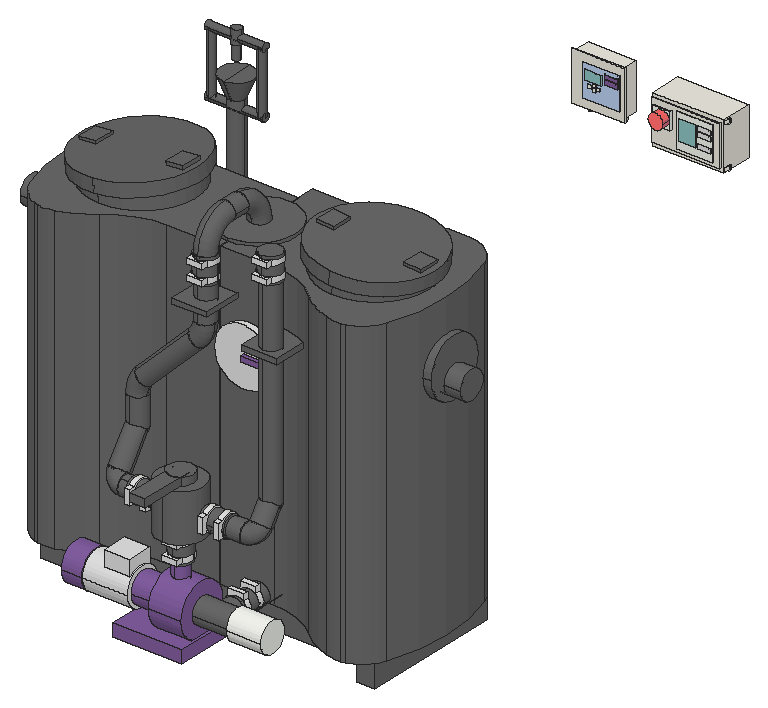
Revit family "93003.02_ms", category Generic Models, Revit 2021
Family settings
  Can host rebar = No
  Round Connector Dimension = Use Diameter
  Part Type = Normal
  Work Plane-Based = No
  Always vertical = Yes
  Cut with Voids When Loaded = No
  Shared = Yes
  Room Calculation Point = No
Parameters (values of type "93003.02_MS")
  SUPPLIER = "KESSEL"
  SA810ID06 = "4026092065020"
  SA810ID03 = "93003.02/MS"
  SA71009ID06 = 3000 W
  SA71009ID05 = 3600 W
  SA71009ID04 = 1
  SA700ID17 = 1055 mm
  SA700ID14 = "ohne Angabe"
  SA700ID13 = 70 mm
  SA700ID09 = 1458 mm
  SA700ID08 = 680 mm
  SA700ID07 = 1500 mm
  SA700ID06 = 300
  SA700ID05 = 3
  SA700ID04 = "Grease separator EasyClean free NS 3, Mix & Pump, SonicControl"
  SA500ID03 = "Sludge trap, integrated"
  SA400ID03 = "PE (Polyethylen)"
  SA250ID03 = "temperierte Umhausung"
  SA200ID03 = "free-standing set-up"
  SA100ID04 = "Abscheideranlage für Fette (Schlammfang und Fettabscheider)"
  PROCUREWEBLINK = "https://p.caden.as/kessel/93003.02%2FMS"
  PROCURELINK = "p.caden.as/kessel/93003.02%2FMS"
  PROCUREDATALASTUPDATE = "2024-05-22T12:18:14.54944411+01:00"
  PRC_SPECIFICATIONLINK = "https://ausschreiben.de/catalog/kessel/catalogItem/e60f53d6-9750-4a69-9ea4-1343c2af679b"
  NN = "EasyClean free Mix & Pump grease separator"
  NBSYN = "$SA810ID03."
  NB = "93003.02/MS"
  Model = "93003.02/MS"
  Manufacturer = "KESSEL"
  MIdent = "{$CADENAS_DATA/23d-libs/kessel/kessel_vdi_import/40/abscheideranlage20fuer20fette/easyclean_free_mix_pump.prj},210 {STYP=ASS},{VTYP=3D},{NB=93003.02/MS},{LINA=93003.02/MS},{NN=EasyClean free Mix & Pump grease separator},{DATE=21.12.2022 12:04:43},{GEOMDATE=17.11.2022 09:57:07},{VERSION=},{LINEID=180},{WBVAR=},{WBNUMERIC=}  {NB=93003.02/MS},{LINA=93003.02/MS},{KT=DUMMY},{PREVIEW=../../bilder/ksb_w_9300302ms.png},{SA700ID04=Fettabscheider EasyClean free NS 3, Mix & Pump, SonicControl},{SA810ID06=4026092065020},{SA010ID04=KESSEL AG},{SA810ID03=93003.02/MS},{SA100ID04=Abscheideranlage für Fette (Schlammfang und Fettabscheider)},{SA200ID03=Freiaufstellung},{SA400ID03=PE (Polyethylen)},{SA500ID03=Schlammfang integriert},{SA700ID05=3.00},{SA700ID06=300},{SA71009ID04=1},{SA71009ID05=3.60},{SA71009ID06=3.00},{SA250ID03=temperierte Umhausung},{SA700ID07=1500},{SA700ID09=1458},{SA700ID13=70},{SA700ID17=1055},{SA700ID08=680},{SA810ID10=\\\"Der Abscheider für fetthaltiges Abwasser ist für die freie Aufstellung in frostgeschützten Räumen geeignet und verzichtet auf metallische Bauteile im Behälter. Der Sammelbehälter aus dauerhaft beständigem Kunststoff (PE) ist mit einem integrierten Schlammfang ausgestattet und besitzt ein konisch zulaufendes Bodenteil für eine schnelle und saubere Entsorgung. Zwei geruchsdichte Deckel mit Schnellspannverschlüssen ermöglichen einen einfachen Zugang für Reinigungs- und Wartungsarbeiten.Das innovative Schredder-Mix-System mit integriertem Zerhacker übernimmt die Homogenisierung und Umwälzung des Behälterinhaltes. Die Reinigung und geruchsneutrale Entsorgung erfolgt dabei über eine außenliegende Pumpe mit 2-Wege-Ventil und Umschalthebel, die mit einem Absperrschieber vom Behälter getrennt werden kann. Nach der Entsorgung sind nur noch max. 3 Liter Schlammrestvolumen im Behälter vorhanden.Die manuelle Steuerung erfolgt durch ein anwenderfreundliches Schaltgerät, das über einen potentialfreien Kontakt in die Gebäudeleittechnik eingebunden werden kann.Gewährleistung auf den Werkstoff PE 20 Jahre.Ausführung:Absperreinrichtung: jaEntsorgungsart: manuelles Entsorgungs- und ReinigungssystemEntsorgungseinrichtung: EntsorgungspumpeEntsorgungsvariante: Mix & PumpFülleinrichtung nach DIN 1988: jaNenngröße (NS): 3Schauglas: jaSchredder-Mix-System: jaSonicControl: jaWasserversorgung: 1 Schraubventil 1\\\"\\\"Tragfähigkeit (DIN 19901): F3Lieferumfang: Storz-B-Kupplung R 2 1/2 \\\"\\\" für SaugwagenanschlussEinbausituation: freie AufstellungAllgemeine Merkmale:Material: PENorm: EN 1825: 2004, DIN 4040-100Abmessungen:Aufstellfläche Länge: 1.736 mmAufstellfläche Breite: 841 mmAufstellfläche Höhe: 1.767 mmEinbringmaß Länge: 1.500 mmEinbringmaß Breite: 680 mmEinbringmaß Höhe: 1.458 mmBehälter/Grundkörper:Zulauf Nennweite (DN): 100 mmZulauf Nennweite (DA): 110 mmAuslauf Nennweite (DN): 100Auslauf Nennweite (DA): 110Abstand Rohrsohle Zulauf zu Behälterboden: 1.055 mmAbstand Rohrsohle Auslauf zu Behälterboden: 985 mmAnschluss Zu-/Auslaufstutzen: PE-HD-Rohre nach DIN 19537, HT-Rohre nach DIN 19560, PP oder ASDruckabgang (DA): 75 mmDruckabgang (DN): 65 mmNenndruck (PN): 10Abdeckungsmerkmale:Abdeckungsart: DeckelAbdeckung Material: KunststoffAbdeckung Farbe: violettDichtheit: geruchsdichtVerriegelung: SchnellspannverschlussAbwasserinhalt:Abscheiderinhalt: 300 lGesamtvolumen: 600 lSchlammfanginhalt: 300 lSpeichermenge an Fett: 120 lFördereinrichtung:Pumpe: SPF 300 KE 2.0Anzahl Pumpen: 1Förderhöhe max.: 17 mFörderleistung max.: 60 m3/hBetriebsspannung: 400 VNetzfrequenz: 50 HzBetriebsart: S2 - 30 Min.Leistung P1: 3,6 kWLeistung P2: 3 kWDrehzahl: 2.850 U/minErforderliche Absicherung (Leitungsschutz): Absicherung über Schaltgerät 400 VFörderguttemperatur (dauerhaft) max.: 40 °CAnschlusstyp: DirektanschlussGewicht: 44 kgLaufrad Typ: Radiallaufrad mit ZerhackerLänge Netzanschlussleitung Pumpe: 5 mNennstrom: 6,2 ASchutzart Pumpe: IP 55Schutzklasse: ITyp Anschlussleitung Pumpe: H07RN-F 7G 1,5 mm2Temperaturüberwachung: integriertSteuerung:Schaltgerät: jaBetriebsspannung: 400 VNetzfrequenz: 50 HzSelbstdiagnosesystem (SDS): jaBatteriepufferung: neinMehrzeilige Displayanzeige: neinLogbuchfunktion: neinUSB-Schnittstelle: neinGSM-Schnittstelle: neinPotentialfreier Kontakt: jaErforderliche Absicherung (Leitungsschutz): 3 x C 16 AErforderliche Absicherung (RCD): 30 mAMotorschutz Schalter: jaSchutzart Schaltgerät: IP 54\\\"},{SA700ID14=ohne Angabe},{LODLEVEL=0},{CATEGORY3AA=},{CATEGORY3AB=EasyClean free Mix & Pump},{CATEGORY3AC=},{CATEGORY3AD=},{CATEGORY3AE=},{CATEGORY3AF=},{BEZEICHNUNG=},{BREITE=0.0},{TIEFE=MIN},{HOEHE=MIN},{MASSE=MIN},{LOD_=0,'Low'},{LOD_DEU=0,'Low'},{LOD_3DB=93003.02/MS_0},{DNIN1=100},{DNIN2=10},{DNIN3=10},{DNIN4=10},{DNIN5=MIN},{DNIN6=MIN},{DNIN7=MIN},{DNOUT1=100},{DNOUT2=50},{ISD=80},{ISD2=10},{SA960ID03=97},{SA960ID04=3L},{SA960ID08=http://www.kessel.de/info?han=93003.02/MS},{SA010ID01=010},{SA010ID02=40},{SA010ID06=www.kessel.de},{SA010ID08=4026092000007},{SA100ID01=100},{SA100ID02=1},{SA740ID01=740},{SA200ID01=200},{SA200ID02=1},{SA250ID01=250},{SA250ID02=1},{SA400ID01=400},{SA400ID02=1},{SA500ID01=500},{SA500ID02=1},{SA700ID01=700},{SA700ID02=97},{SA700ID14_=0},{SA71009ID01=710.09},{SA71009ID02=1},{SA71009ID03=SPF 300 KE 2.0},{SA71009ID07=IP55},{SA71009ID08=1},{SA71009ID09=1},{SA71009ID10=60},{SA71009ID11=17},{SA810ID01=810},{SA810ID02=97},{SA810ID04=93003.02/MS},{SA810ID07=97},{SA810ID14=PCE},{LINK=http://www.kessel.de/info?han=93003.02/MS},{LINK_=http://www.kessel.de/info?han=93003.02/MS},{LINK_DEU=http://www.kessel.de/info?han=93003.02/MS},{LODLEVELVIS=Low}"
  LINK = "http://www.kessel.de/info?han=93003.02/MS"
  LINA = "93003.02/MS"
  Default Elevation = 0 mm
  CREATOR = "CADENAS GmbH"
  CATALOG = "KESSEL"
  BOMINFO = "LINA"
  ARTICLENO = "NB"
Reference planes
  plane 1 "Center (Front/Back)": y = 0
  plane 2: z = 0
  plane 3 "Center (Left/Right)": x = 0
Dimensions and locks
  aligned and locked: level to plane 2
Nested families
  nested 1: "93003.02_ms_content" at (0, 0, 0), type "93003.02_MS_Content"
  nested 2: "93003.02_ms_part1_X0Y0" at (1000, 1000, 1500), type "93003.02_MS_PART1_X0Y0"
  nested 3: "93003.02_ms_part2_X0Y0" at (600, 1000, 1500), type "93003.02_MS_PART2_X0Y0"
  nested 4: "93003.02_ms_part3_X0Y0" at (0, 0, 0), type "93003.02_MS_PART3_X0Y0"
Connectors
  electrical at (910.5, 933.5, 1478)
    settings: on nested 2, index 1, voltage 0 V, apparent load 0 VA, apparent load phase1 0 VA, apparent load phase2 0 VA, apparent load phase3 0 VA, power factor 1, load classification "Other", number of poles 1, system type 31, power factor state 1, is connector primary yes, connector utility no, sub classification motor no, connector description ""
  electrical at (536, 972.5, 1469)
    settings: on nested 3, index 2, voltage 0 V, apparent load 0 VA, apparent load phase1 0 VA, apparent load phase2 0 VA, apparent load phase3 0 VA, power factor 1, load classification "Other", number of poles 1, system type 31, power factor state 1, is connector primary no, connector utility no, sub classification motor no, connector description ""
  piping at (-897.6, 0, 1113), diameter 100
    settings: on nested 4, index 3, connector inside diameter 609.6 mm, connector length 0 mm, flow factor 0, pipe flow 0.0 L/s, pressure drop 0.0 Pa, fitting loss kfactor 0, connector angle 0.00°, fixture units 0, engagement length 0 mm, angle of deflection 0.00°, flow configuration 0, flow direction 1, fitting loss method 2, system type 8, joint type 0, gender type 0, connector reference index -1, connector utility 0, adjustable connector no, is connector primary yes, connector description ""
  piping at (-305, 275, 1772.9), diameter 10
    settings: on nested 4, index 4, connector inside diameter 609.6 mm, connector length 0 mm, flow factor 0, pipe flow 0.0 L/s, pressure drop 0.0 Pa, fitting loss kfactor 0, connector angle 0.00°, fixture units 0, engagement length 0 mm, angle of deflection 0.00°, flow configuration 0, flow direction 1, fitting loss method 2, system type 8, joint type 0, gender type 0, connector reference index -1, connector utility 0, adjustable connector no, is connector primary no, connector description ""
  piping at (844, 0, 1030), diameter 100
    settings: on nested 4, index 5, connector inside diameter 609.6 mm, connector length 0 mm, flow factor 0, pipe flow 0.0 L/s, pressure drop 0.0 Pa, fitting loss kfactor 0, connector angle 0.00°, fixture units 0, engagement length 0 mm, angle of deflection 0.00°, flow configuration 0, flow direction 2, fitting loss method 2, system type 7, joint type 0, gender type 0, connector reference index -1, connector utility 0, adjustable connector no, is connector primary no, connector description ""
  piping at (290, -301.5, 1445.5), diameter 50
    settings: on nested 4, index 6, connector inside diameter 609.6 mm, connector length 0 mm, flow factor 0, pipe flow 0.0 L/s, pressure drop 0.0 Pa, fitting loss kfactor 0, connector angle 0.00°, fixture units 0, engagement length 0 mm, angle of deflection 0.00°, flow configuration 0, flow direction 2, fitting loss method 2, system type 7, joint type 0, gender type 0, connector reference index -1, connector utility 0, adjustable connector no, is connector primary no, connector description ""
  electrical at (-212, -383, 248.5)
    settings: on nested 4, index 7, voltage 0 V, apparent load 0 VA, apparent load phase1 0 VA, apparent load phase2 0 VA, apparent load phase3 0 VA, power factor 1, load classification "Other", number of poles 1, system type 31, power factor state 1, is connector primary no, connector utility no, sub classification motor no, connector description ""
Definition of nested family "93003.02_ms_part1_X0Y0"
  Parameters (values of type "93003.02_MS_PART1_X0Y0")
    SUPPLIER = "KESSEL"
    SA810ID06 = "4026092065020"
    SA810ID03 = "93003.02/MS"
    SA71009ID06 = 3000 W
    SA71009ID05 = 3600 W
    SA71009ID04 = 1
    SA700ID17 = 1055 mm
    SA700ID14 = "ohne Angabe"
    SA700ID13 = 70 mm
    SA700ID09 = 1458 mm
    SA700ID08 = 680 mm
    SA700ID07 = 1500 mm
    SA700ID06 = 300
    SA700ID05 = 3
    SA700ID04 = "Grease separator EasyClean free NS 3, Mix & Pump, SonicControl"
    SA500ID03 = "Sludge trap, integrated"
    SA400ID03 = "PE (Polyethylen)"
    SA250ID03 = "temperierte Umhausung"
    SA200ID03 = "free-standing set-up"
    SA100ID04 = "Abscheideranlage für Fette (Schlammfang und Fettabscheider)"
    NBSYN = "$SA810ID03._PART1"
    NB = "93003.02/MS_PART1"
    Model = "93003.02/MS_PART1"
    Manufacturer = "KESSEL"
    MIdent = "{$CADENAS_DATA/23d-libs/kessel/kessel_vdi_import/40/abscheideranlage20fuer20fette/easyclean_free_mix_pump.prj},230 {VTYP=3D},{NB=93003.02/MS_PART1},{LINA=93003.02/MS_PART1},{NN=EasyClean free Mix & Pump grease separator_PART1},{NOPRJ=TRUE},{DATE=21.12.2022 12:04:43},{GEOMDATE=17.11.2022 09:57:07},{VERSION=},{LINEID=180},{WBVAR=},{WBNUMERIC=}  {NB=93003.02/MS_PART1},{LINA=93003.02/MS_PART1},{KT=DUMMY},{PREVIEW=../../bilder/ksb_w_9300302ms.png},{SA700ID04=Fettabscheider EasyClean free NS 3, Mix & Pump, SonicControl},{SA810ID06=4026092065020},{SA010ID04=KESSEL AG},{SA810ID03=93003.02/MS},{SA100ID04=Abscheideranlage für Fette (Schlammfang und Fettabscheider)},{SA200ID03=Freiaufstellung},{SA400ID03=PE (Polyethylen)},{SA500ID03=Schlammfang integriert},{SA700ID05=3.00},{SA700ID06=300},{SA71009ID04=1},{SA71009ID05=3.60},{SA71009ID06=3.00},{SA250ID03=temperierte Umhausung},{SA700ID07=1500},{SA700ID09=1458},{SA700ID13=70},{SA700ID17=1055},{SA700ID08=680},{SA810ID10=\\\"Der Abscheider für fetthaltiges Abwasser ist für die freie Aufstellung in frostgeschützten Räumen geeignet und verzichtet auf metallische Bauteile im Behälter. Der Sammelbehälter aus dauerhaft beständigem Kunststoff (PE) ist mit einem integrierten Schlammfang ausgestattet und besitzt ein konisch zulaufendes Bodenteil für eine schnelle und saubere Entsorgung. Zwei geruchsdichte Deckel mit Schnellspannverschlüssen ermöglichen einen einfachen Zugang für Reinigungs- und Wartungsarbeiten.Das innovative Schredder-Mix-System mit integriertem Zerhacker übernimmt die Homogenisierung und Umwälzung des Behälterinhaltes. Die Reinigung und geruchsneutrale Entsorgung erfolgt dabei über eine außenliegende Pumpe mit 2-Wege-Ventil und Umschalthebel, die mit einem Absperrschieber vom Behälter getrennt werden kann. Nach der Entsorgung sind nur noch max. 3 Liter Schlammrestvolumen im Behälter vorhanden.Die manuelle Steuerung erfolgt durch ein anwenderfreundliches Schaltgerät, das über einen potentialfreien Kontakt in die Gebäudeleittechnik eingebunden werden kann.Gewährleistung auf den Werkstoff PE 20 Jahre.Ausführung:Absperreinrichtung: jaEntsorgungsart: manuelles Entsorgungs- und ReinigungssystemEntsorgungseinrichtung: EntsorgungspumpeEntsorgungsvariante: Mix & PumpFülleinrichtung nach DIN 1988: jaNenngröße (NS): 3Schauglas: jaSchredder-Mix-System: jaSonicControl: jaWasserversorgung: 1 Schraubventil 1\\\"\\\"Tragfähigkeit (DIN 19901): F3Lieferumfang: Storz-B-Kupplung R 2 1/2 \\\"\\\" für SaugwagenanschlussEinbausituation: freie AufstellungAllgemeine Merkmale:Material: PENorm: EN 1825: 2004, DIN 4040-100Abmessungen:Aufstellfläche Länge: 1.736 mmAufstellfläche Breite: 841 mmAufstellfläche Höhe: 1.767 mmEinbringmaß Länge: 1.500 mmEinbringmaß Breite: 680 mmEinbringmaß Höhe: 1.458 mmBehälter/Grundkörper:Zulauf Nennweite (DN): 100 mmZulauf Nennweite (DA): 110 mmAuslauf Nennweite (DN): 100Auslauf Nennweite (DA): 110Abstand Rohrsohle Zulauf zu Behälterboden: 1.055 mmAbstand Rohrsohle Auslauf zu Behälterboden: 985 mmAnschluss Zu-/Auslaufstutzen: PE-HD-Rohre nach DIN 19537, HT-Rohre nach DIN 19560, PP oder ASDruckabgang (DA): 75 mmDruckabgang (DN): 65 mmNenndruck (PN): 10Abdeckungsmerkmale:Abdeckungsart: DeckelAbdeckung Material: KunststoffAbdeckung Farbe: violettDichtheit: geruchsdichtVerriegelung: SchnellspannverschlussAbwasserinhalt:Abscheiderinhalt: 300 lGesamtvolumen: 600 lSchlammfanginhalt: 300 lSpeichermenge an Fett: 120 lFördereinrichtung:Pumpe: SPF 300 KE 2.0Anzahl Pumpen: 1Förderhöhe max.: 17 mFörderleistung max.: 60 m3/hBetriebsspannung: 400 VNetzfrequenz: 50 HzBetriebsart: S2 - 30 Min.Leistung P1: 3,6 kWLeistung P2: 3 kWDrehzahl: 2.850 U/minErforderliche Absicherung (Leitungsschutz): Absicherung über Schaltgerät 400 VFörderguttemperatur (dauerhaft) max.: 40 °CAnschlusstyp: DirektanschlussGewicht: 44 kgLaufrad Typ: Radiallaufrad mit ZerhackerLänge Netzanschlussleitung Pumpe: 5 mNennstrom: 6,2 ASchutzart Pumpe: IP 55Schutzklasse: ITyp Anschlussleitung Pumpe: H07RN-F 7G 1,5 mm2Temperaturüberwachung: integriertSteuerung:Schaltgerät: jaBetriebsspannung: 400 VNetzfrequenz: 50 HzSelbstdiagnosesystem (SDS): jaBatteriepufferung: neinMehrzeilige Displayanzeige: neinLogbuchfunktion: neinUSB-Schnittstelle: neinGSM-Schnittstelle: neinPotentialfreier Kontakt: jaErforderliche Absicherung (Leitungsschutz): 3 x C 16 AErforderliche Absicherung (RCD): 30 mAMotorschutz Schalter: jaSchutzart Schaltgerät: IP 54\\\"},{SA700ID14=ohne Angabe},{LODLEVEL=0},{CATEGORY3AA=},{CATEGORY3AB=EasyClean free Mix & Pump},{CATEGORY3AC=},{CATEGORY3AD=},{CATEGORY3AE=},{CATEGORY3AF=},{BEZEICHNUNG=},{BREITE=0.0},{TIEFE=MIN},{HOEHE=MIN},{MASSE=MIN},{LOD_=0,'Low'},{LOD_DEU=0,'Low'},{LOD_3DB=93003.02/MS_0},{DNIN1=100},{DNIN2=10},{DNIN3=10},{DNIN4=10},{DNIN5=MIN},{DNIN6=MIN},{DNIN7=MIN},{DNOUT1=100},{DNOUT2=50},{ISD=80},{ISD2=10},{SA960ID03=97},{SA960ID04=3L},{SA960ID08=http://www.kessel.de/info?han=93003.02/MS},{SA010ID01=010},{SA010ID02=40},{SA010ID06=www.kessel.de},{SA010ID08=4026092000007},{SA100ID01=100},{SA100ID02=1},{SA740ID01=740},{SA200ID01=200},{SA200ID02=1},{SA250ID01=250},{SA250ID02=1},{SA400ID01=400},{SA400ID02=1},{SA500ID01=500},{SA500ID02=1},{SA700ID01=700},{SA700ID02=97},{SA700ID14_=0},{SA71009ID01=710.09},{SA71009ID02=1},{SA71009ID03=SPF 300 KE 2.0},{SA71009ID07=IP55},{SA71009ID08=1},{SA71009ID09=1},{SA71009ID10=60},{SA71009ID11=17},{SA810ID01=810},{SA810ID02=97},{SA810ID04=93003.02/MS},{SA810ID07=97},{SA810ID14=PCE},{LINK=http://www.kessel.de/info?han=93003.02/MS},{LINK_=http://www.kessel.de/info?han=93003.02/MS},{LINK_DEU=http://www.kessel.de/info?han=93003.02/MS},{LODLEVELVIS=Low}"
    LINK = "http://www.kessel.de/info?han=93003.02/MS"
    LINA = "93003.02/MS_PART1"
    Default Elevation = 1219.2 mm
    CREATOR = "CADENAS GmbH"
    CATALOG = "KESSEL"
    BOMINFO = "LINA"
    ARTICLENO = "NB"
  Reference planes
    plane 1 "Center (Front/Back)": y = 0
    plane 2: z = 0
    plane 3 "Center (Left/Right)": x = 0
  Dimensions and locks
    aligned and locked: level to plane 2
  Nested families
    nested 1: "93003.02_ms_part1_content" at (0, 0, 0), type "93003.02_MS_PART1_Content"
  Definition of nested family "93003.02_ms_part1_content"
    Parameters (values of type "93003.02_MS_PART1_Content")
      SUPPLIER = "KESSEL"
      SA810ID06 = "4026092065020"
      SA810ID03 = "93003.02/MS"
      SA71009ID06 = 3000 W
      SA71009ID05 = 3600 W
      SA71009ID04 = 1
      SA700ID17 = 1055 mm
      SA700ID14 = "ohne Angabe"
      SA700ID13 = 70 mm
      SA700ID09 = 1458 mm
      SA700ID08 = 680 mm
      SA700ID07 = 1500 mm
      SA700ID06 = 300
      SA700ID05 = 3
      SA700ID04 = "Grease separator EasyClean free NS 3, Mix & Pump, SonicControl"
      SA500ID03 = "Sludge trap, integrated"
      SA400ID03 = "PE (Polyethylen)"
      SA250ID03 = "temperierte Umhausung"
      SA200ID03 = "free-standing set-up"
      SA100ID04 = "Abscheideranlage für Fette (Schlammfang und Fettabscheider)"
      NBSYN = "$SA810ID03._PART1"
      NB = "93003.02/MS_PART1"
      Model = "93003.02/MS_PART1"
      Manufacturer = "KESSEL"
      LINK = "http://www.kessel.de/info?han=93003.02/MS"
      LINA = "93003.02/MS_PART1"
      Default Elevation = 1219.2 mm
      CREATOR = "CADENAS GmbH"
      CATALOG = "KESSEL"
      BOMINFO = "LINA"
      ARTICLENO = "NB"
    Reference planes
      plane 1 "Center (Front/Back)": y = 0
      plane 2: z = 0
      plane 3 "Center (Left/Right)": x = 0
    Forms (mm)
      Extrusion 1, solid, detail levels medium+fine
        sketch origin (139, 0, 0) x (0, -1, 0) y (0, 0, 1)
          loop
            line (0, 188) -> (0, 0) -> (122.5, 0) -> (122.5, 188) -> (0, 188)
        from 0 to 278
      Extrusion 2, solid, detail levels medium+fine
        sketch origin (130, -122.5, 14) x (0, -1, 0) y (0, 0, 1)
          loop
            line (0, 160) -> (0, 0) -> (5, 0) -> (5, 160) -> (0, 160)
        from 0 to 269
      Extrusion 3, solid, detail levels medium+fine
        sketch origin (100, -127.5, 26) x (0, -1, 0) y (0, 0, 1)
          loop
            line (-1.5, 135) -> (-1.5, 0) -> (0.2, 0) -> (0.2, 135) -> (-1.5, 135)
        from 0 to 140
      Extrusion 4, solid, detail levels medium+fine
        sketch origin (32.5, -127.7, 55) x (0, -1, 0) y (0, 0, 1)
          loop
            line (-1.5, 79) -> (-1.5, 0) -> (0.1, 0) -> (0.1, 79) -> (-1.5, 79)
        from 0 to 65
      Extrusion 5, solid, detail levels medium+fine
        sketch origin (92.5, -127.7, 97) x (0, -1, 0) y (0, 0, 1)
          loop
            line (-1.5, 16) -> (-1.5, 0) -> (0.1, 0) -> (0.1, 16) -> (-1.5, 16)
        from 0 to 51
      Extrusion 6, solid, detail levels medium+fine
        sketch origin (92.5, -127.7, 55) x (0, -1, 0) y (0, 0, 1)
          loop
            line (-1.5, 16) -> (-1.5, 0) -> (0.1, 0) -> (0.1, 16) -> (-1.5, 16)
        from 0 to 51
      Extrusion 7, solid, detail levels medium+fine
        sketch origin (92.5, -127.7, 118) x (0, -1, 0) y (0, 0, 1)
          loop
            line (-1.5, 16) -> (-1.5, 0) -> (0.1, 0) -> (0.1, 16) -> (-1.5, 16)
        from 0 to 51
      Extrusion 8, solid, detail levels medium+fine
        sketch origin (0.25, -66.5, 1.5) x (0.866025, 0.5, 0) y (0.5, -0.866025, 0)
          loop
            circle (0, 0) r 10
        from 0 to 2.5
      Extrusion 9, solid, detail levels medium+fine
        sketch origin (-63, -127.5, 84) x (0, -1, 0) y (0, 0, 1)
          loop
            line (0, 67) -> (0, 0) -> (7, 0) -> (7, 67) -> (0, 67)
        from 0 to 67
      Extrusion 10, solid, detail levels medium+fine
        sketch origin (-96.5, -134.5, 117.5) x (1, 0, 0) y (0, 0, 1)
          loop
            circle (0, 0) r 29.5
        from 0 to 29
      Extrusion 11, solid, detail levels medium+fine
        sketch origin (30.25, -66.5, 1.5) x (0.866025, 0.5, 0) y (0.5, -0.866025, 0)
          loop
            circle (0, 0) r 10
        from 0 to 2.5
      Extrusion 12, solid, detail levels medium+fine
        sketch origin (60.25, -66.5, 1.5) x (0.866025, 0.5, 0) y (0.5, -0.866025, 0)
          loop
            circle (0, 0) r 10
        from 0 to 2.5
      Extrusion 13, solid, detail levels medium+fine
        sketch origin (-44.5, -66.5, 0) x (0.866025, 0.5, 0) y (0.5, -0.866025, 0)
          loop
            line (0, 17.321) -> (-15, 8.66) -> (-15, -8.66) -> (0, -17.321) -> (15, -8.66) -> (15, 8.66) -> (0, 17.321)
        from 0 to 22
      Extrusion 14, solid, detail levels medium+fine
        sketch origin (-89.5, -66.5, 0) x (0.866025, 0.5, 0) y (0.5, -0.866025, 0)
          loop
            line (0, 17.321) -> (-15, 8.66) -> (-15, -8.66) -> (0, -17.321) -> (15, -8.66) -> (15, 8.66) -> (0, 17.321)
        from 0 to 22
      Extrusion 15, solid, detail levels medium+fine
        sketch origin (-128, 0, 177) x (-1, 0, 0) y (0, 0, 1)
          loop
            circle (0, 0) r 7.5
        from 0 to 2
      Extrusion 16, solid, detail levels medium+fine
        sketch origin (-128, 0, 11) x (-1, 0, 0) y (0, 0, 1)
          loop
            circle (0, 0) r 7.5
        from 0 to 2
      Extrusion 17, solid, detail levels medium+fine
        sketch origin (128, 0, 11) x (-1, 0, 0) y (0, 0, 1)
          loop
            circle (0, 0) r 7.5
        from 0 to 2
      Extrusion 18, solid, detail levels medium+fine
        sketch origin (128, 0, 177) x (-1, 0, 0) y (0, 0, 1)
          loop
            circle (0, 0) r 7.5
        from 0 to 2
      Extrusion 19, solid, detail levels medium+fine
        sketch origin (143.5, -100.5, 170) x (-1, 0, 0) y (0, -1, 0)
          loop
            circle (0, 0) r 5
        from 0 to 14
      Extrusion 20, solid, detail levels medium+fine
        sketch origin (139, -100.5, 170) x (0, -1, 0) y (1, 0, 0)
          loop
            line (0, 9.5) -> (0, 0) -> (20, 0) -> (0, 9.5)
        from 0 to 14
      Extrusion 21, solid, detail levels medium+fine
        sketch origin (143.5, -100.5, 4) x (-1, 0, 0) y (0, -1, 0)
          loop
            circle (0, 0) r 5
        from 0 to 14
      Extrusion 22, solid, detail levels medium+fine
        sketch origin (139, -100.5, 4) x (0, -1, 0) y (1, 0, 0)
          loop
            line (0, 9.5) -> (0, 0) -> (20, 0) -> (0, 9.5)
        from 0 to 14
      Extrusion 23, solid, detail levels coarse
        sketch origin (4.75, -80.75, -22) x (1, 0, 0) y (0, 1, 0)
          loop
            line (-143.75, -82.75) -> (143.75, -82.75) -> (143.75, 82.75) -> (-143.75, 82.75) -> (-143.75, -82.75)
        from 0 to 210
    Dimensions and locks
      aligned and locked: level to plane 2
Definition of nested family "93003.02_ms_part2_X0Y0"
  Parameters (values of type "93003.02_MS_PART2_X0Y0")
    SUPPLIER = "KESSEL"
    SA810ID06 = "4026092065020"
    SA810ID03 = "93003.02/MS"
    SA71009ID06 = 3000 W
    SA71009ID05 = 3600 W
    SA71009ID04 = 1
    SA700ID17 = 1055 mm
    SA700ID14 = "ohne Angabe"
    SA700ID13 = 70 mm
    SA700ID09 = 1458 mm
    SA700ID08 = 680 mm
    SA700ID07 = 1500 mm
    SA700ID06 = 300
    SA700ID05 = 3
    SA700ID04 = "Grease separator EasyClean free NS 3, Mix & Pump, SonicControl"
    SA500ID03 = "Sludge trap, integrated"
    SA400ID03 = "PE (Polyethylen)"
    SA250ID03 = "temperierte Umhausung"
    SA200ID03 = "free-standing set-up"
    SA100ID04 = "Abscheideranlage für Fette (Schlammfang und Fettabscheider)"
    NBSYN = "$SA810ID03._PART2"
    NB = "93003.02/MS_PART2"
    Model = "93003.02/MS_PART2"
    Manufacturer = "KESSEL"
    MIdent = "{$CADENAS_DATA/23d-libs/kessel/kessel_vdi_import/40/abscheideranlage20fuer20fette/easyclean_free_mix_pump.prj},230 {VTYP=3D},{NB=93003.02/MS_PART2},{LINA=93003.02/MS_PART2},{NN=EasyClean free Mix & Pump grease separator_PART2},{NOPRJ=TRUE},{DATE=21.12.2022 12:04:43},{GEOMDATE=17.11.2022 09:57:07},{VERSION=},{LINEID=180},{WBVAR=},{WBNUMERIC=}  {NB=93003.02/MS_PART2},{LINA=93003.02/MS_PART2},{KT=DUMMY},{PREVIEW=../../bilder/ksb_w_9300302ms.png},{SA700ID04=Fettabscheider EasyClean free NS 3, Mix & Pump, SonicControl},{SA810ID06=4026092065020},{SA010ID04=KESSEL AG},{SA810ID03=93003.02/MS},{SA100ID04=Abscheideranlage für Fette (Schlammfang und Fettabscheider)},{SA200ID03=Freiaufstellung},{SA400ID03=PE (Polyethylen)},{SA500ID03=Schlammfang integriert},{SA700ID05=3.00},{SA700ID06=300},{SA71009ID04=1},{SA71009ID05=3.60},{SA71009ID06=3.00},{SA250ID03=temperierte Umhausung},{SA700ID07=1500},{SA700ID09=1458},{SA700ID13=70},{SA700ID17=1055},{SA700ID08=680},{SA810ID10=\\\"Der Abscheider für fetthaltiges Abwasser ist für die freie Aufstellung in frostgeschützten Räumen geeignet und verzichtet auf metallische Bauteile im Behälter. Der Sammelbehälter aus dauerhaft beständigem Kunststoff (PE) ist mit einem integrierten Schlammfang ausgestattet und besitzt ein konisch zulaufendes Bodenteil für eine schnelle und saubere Entsorgung. Zwei geruchsdichte Deckel mit Schnellspannverschlüssen ermöglichen einen einfachen Zugang für Reinigungs- und Wartungsarbeiten.Das innovative Schredder-Mix-System mit integriertem Zerhacker übernimmt die Homogenisierung und Umwälzung des Behälterinhaltes. Die Reinigung und geruchsneutrale Entsorgung erfolgt dabei über eine außenliegende Pumpe mit 2-Wege-Ventil und Umschalthebel, die mit einem Absperrschieber vom Behälter getrennt werden kann. Nach der Entsorgung sind nur noch max. 3 Liter Schlammrestvolumen im Behälter vorhanden.Die manuelle Steuerung erfolgt durch ein anwenderfreundliches Schaltgerät, das über einen potentialfreien Kontakt in die Gebäudeleittechnik eingebunden werden kann.Gewährleistung auf den Werkstoff PE 20 Jahre.Ausführung:Absperreinrichtung: jaEntsorgungsart: manuelles Entsorgungs- und ReinigungssystemEntsorgungseinrichtung: EntsorgungspumpeEntsorgungsvariante: Mix & PumpFülleinrichtung nach DIN 1988: jaNenngröße (NS): 3Schauglas: jaSchredder-Mix-System: jaSonicControl: jaWasserversorgung: 1 Schraubventil 1\\\"\\\"Tragfähigkeit (DIN 19901): F3Lieferumfang: Storz-B-Kupplung R 2 1/2 \\\"\\\" für SaugwagenanschlussEinbausituation: freie AufstellungAllgemeine Merkmale:Material: PENorm: EN 1825: 2004, DIN 4040-100Abmessungen:Aufstellfläche Länge: 1.736 mmAufstellfläche Breite: 841 mmAufstellfläche Höhe: 1.767 mmEinbringmaß Länge: 1.500 mmEinbringmaß Breite: 680 mmEinbringmaß Höhe: 1.458 mmBehälter/Grundkörper:Zulauf Nennweite (DN): 100 mmZulauf Nennweite (DA): 110 mmAuslauf Nennweite (DN): 100Auslauf Nennweite (DA): 110Abstand Rohrsohle Zulauf zu Behälterboden: 1.055 mmAbstand Rohrsohle Auslauf zu Behälterboden: 985 mmAnschluss Zu-/Auslaufstutzen: PE-HD-Rohre nach DIN 19537, HT-Rohre nach DIN 19560, PP oder ASDruckabgang (DA): 75 mmDruckabgang (DN): 65 mmNenndruck (PN): 10Abdeckungsmerkmale:Abdeckungsart: DeckelAbdeckung Material: KunststoffAbdeckung Farbe: violettDichtheit: geruchsdichtVerriegelung: SchnellspannverschlussAbwasserinhalt:Abscheiderinhalt: 300 lGesamtvolumen: 600 lSchlammfanginhalt: 300 lSpeichermenge an Fett: 120 lFördereinrichtung:Pumpe: SPF 300 KE 2.0Anzahl Pumpen: 1Förderhöhe max.: 17 mFörderleistung max.: 60 m3/hBetriebsspannung: 400 VNetzfrequenz: 50 HzBetriebsart: S2 - 30 Min.Leistung P1: 3,6 kWLeistung P2: 3 kWDrehzahl: 2.850 U/minErforderliche Absicherung (Leitungsschutz): Absicherung über Schaltgerät 400 VFörderguttemperatur (dauerhaft) max.: 40 °CAnschlusstyp: DirektanschlussGewicht: 44 kgLaufrad Typ: Radiallaufrad mit ZerhackerLänge Netzanschlussleitung Pumpe: 5 mNennstrom: 6,2 ASchutzart Pumpe: IP 55Schutzklasse: ITyp Anschlussleitung Pumpe: H07RN-F 7G 1,5 mm2Temperaturüberwachung: integriertSteuerung:Schaltgerät: jaBetriebsspannung: 400 VNetzfrequenz: 50 HzSelbstdiagnosesystem (SDS): jaBatteriepufferung: neinMehrzeilige Displayanzeige: neinLogbuchfunktion: neinUSB-Schnittstelle: neinGSM-Schnittstelle: neinPotentialfreier Kontakt: jaErforderliche Absicherung (Leitungsschutz): 3 x C 16 AErforderliche Absicherung (RCD): 30 mAMotorschutz Schalter: jaSchutzart Schaltgerät: IP 54\\\"},{SA700ID14=ohne Angabe},{LODLEVEL=0},{CATEGORY3AA=},{CATEGORY3AB=EasyClean free Mix & Pump},{CATEGORY3AC=},{CATEGORY3AD=},{CATEGORY3AE=},{CATEGORY3AF=},{BEZEICHNUNG=},{BREITE=0.0},{TIEFE=MIN},{HOEHE=MIN},{MASSE=MIN},{LOD_=0,'Low'},{LOD_DEU=0,'Low'},{LOD_3DB=93003.02/MS_0},{DNIN1=100},{DNIN2=10},{DNIN3=10},{DNIN4=10},{DNIN5=MIN},{DNIN6=MIN},{DNIN7=MIN},{DNOUT1=100},{DNOUT2=50},{ISD=80},{ISD2=10},{SA960ID03=97},{SA960ID04=3L},{SA960ID08=http://www.kessel.de/info?han=93003.02/MS},{SA010ID01=010},{SA010ID02=40},{SA010ID06=www.kessel.de},{SA010ID08=4026092000007},{SA100ID01=100},{SA100ID02=1},{SA740ID01=740},{SA200ID01=200},{SA200ID02=1},{SA250ID01=250},{SA250ID02=1},{SA400ID01=400},{SA400ID02=1},{SA500ID01=500},{SA500ID02=1},{SA700ID01=700},{SA700ID02=97},{SA700ID14_=0},{SA71009ID01=710.09},{SA71009ID02=1},{SA71009ID03=SPF 300 KE 2.0},{SA71009ID07=IP55},{SA71009ID08=1},{SA71009ID09=1},{SA71009ID10=60},{SA71009ID11=17},{SA810ID01=810},{SA810ID02=97},{SA810ID04=93003.02/MS},{SA810ID07=97},{SA810ID14=PCE},{LINK=http://www.kessel.de/info?han=93003.02/MS},{LINK_=http://www.kessel.de/info?han=93003.02/MS},{LINK_DEU=http://www.kessel.de/info?han=93003.02/MS},{LODLEVELVIS=Low}"
    LINK = "http://www.kessel.de/info?han=93003.02/MS"
    LINA = "93003.02/MS_PART2"
    Default Elevation = 1219.2 mm
    CREATOR = "CADENAS GmbH"
    CATALOG = "KESSEL"
    BOMINFO = "LINA"
    ARTICLENO = "NB"
  Reference planes
    plane 1 "Center (Front/Back)": y = 0
    plane 2: z = 0
    plane 3 "Center (Left/Right)": x = 0
  Dimensions and locks
    aligned and locked: level to plane 2
  Nested families
    nested 1: "93003.02_ms_part2_content" at (0, 0, 0), type "93003.02_MS_PART2_Content"
  Definition of nested family "93003.02_ms_part2_content"
    Parameters (values of type "93003.02_MS_PART2_Content")
      SUPPLIER = "KESSEL"
      SA810ID06 = "4026092065020"
      SA810ID03 = "93003.02/MS"
      SA71009ID06 = 3000 W
      SA71009ID05 = 3600 W
      SA71009ID04 = 1
      SA700ID17 = 1055 mm
      SA700ID14 = "ohne Angabe"
      SA700ID13 = 70 mm
      SA700ID09 = 1458 mm
      SA700ID08 = 680 mm
      SA700ID07 = 1500 mm
      SA700ID06 = 300
      SA700ID05 = 3
      SA700ID04 = "Grease separator EasyClean free NS 3, Mix & Pump, SonicControl"
      SA500ID03 = "Sludge trap, integrated"
      SA400ID03 = "PE (Polyethylen)"
      SA250ID03 = "temperierte Umhausung"
      SA200ID03 = "free-standing set-up"
      SA100ID04 = "Abscheideranlage für Fette (Schlammfang und Fettabscheider)"
      NBSYN = "$SA810ID03._PART2"
      NB = "93003.02/MS_PART2"
      Model = "93003.02/MS_PART2"
      Manufacturer = "KESSEL"
      LINK = "http://www.kessel.de/info?han=93003.02/MS"
      LINA = "93003.02/MS_PART2"
      Default Elevation = 1219.2 mm
      CREATOR = "CADENAS GmbH"
      CATALOG = "KESSEL"
      BOMINFO = "LINA"
      ARTICLENO = "NB"
    Reference planes
      plane 1 "Center (Front/Back)": y = 0
      plane 2: z = 0
      plane 3 "Center (Left/Right)": x = 0
    Forms (mm)
      Extrusion 1, solid, detail levels medium+fine
        sketch origin (94, 0, 5) x (0, -1, 0) y (0, 0, 1)
          loop
            line (0, 184) -> (0, 0) -> (64.5, 0) -> (64.5, 184) -> (0, 184)
        from 0 to 188
      Extrusion 2, solid, detail levels medium+fine
        sketch origin (104, -64.5, 0) x (0, -1, 0) y (0, 0, 1)
          loop
            line (0, 194) -> (0, 0) -> (3.5, 0) -> (3.5, 194) -> (0, 194)
        from 0 to 208
      Extrusion 3, solid, detail levels medium+fine
        sketch origin (86.3, -68, 33.2) x (0, -1, 0) y (0, 0, 1)
          loop
            line (-0.5, 127) -> (-0.5, 0) -> (1, 0) -> (1, 127) -> (-0.5, 127)
        from 0 to 146
      Extrusion 4, solid, detail levels medium+fine
        sketch origin (6.8, -69, 77.2) x (0, -1, 0) y (0, 0, 1)
          loop
            line (-0.5, 12) -> (-0.5, 0) -> (1, 0) -> (1, 12) -> (-0.5, 12)
        from 0 to 12
      Extrusion 5, solid, detail levels medium+fine
        sketch origin (-9.7, -69, 85.45) x (0, -1, 0) y (0, 0, 1)
          loop
            line (-0.5, 12) -> (-0.5, 0) -> (1, 0) -> (1, 12) -> (-0.5, 12)
        from 0 to 12
      Extrusion 6, solid, detail levels medium+fine
        sketch origin (-9.7, -69, 68.95) x (0, -1, 0) y (0, 0, 1)
          loop
            line (-0.5, 12) -> (-0.5, 0) -> (1, 0) -> (1, 12) -> (-0.5, 12)
        from 0 to 12
      Extrusion 7, solid, detail levels medium+fine
        sketch origin (13.3, -69, 100.45) x (0, -1, 0) y (0, 0, 1)
          loop
            line (-0.5, 37) -> (-0.5, 0) -> (1, 0) -> (1, 37) -> (-0.5, 37)
        from 0 to 65
      Extrusion 8, solid, detail levels medium+fine
        sketch origin (78.8, -69, 110.7) x (0, -1, 0) y (0, 0, 1)
          loop
            line (-0.5, 16) -> (-0.5, 0) -> (1, 0) -> (1, 16) -> (-0.5, 16)
        from 0 to 51
      Extrusion 9, solid, detail levels medium+fine
        sketch origin (-26.2, -69, 77.2) x (0, -1, 0) y (0, 0, 1)
          loop
            line (-0.5, 12) -> (-0.5, 0) -> (1, 0) -> (1, 12) -> (-0.5, 12)
        from 0 to 12
      Extrusion 10, solid, detail levels medium+fine
        sketch origin (78.75, -69, 130.75) x (0, -1, 0) y (0, 0, 1)
          loop
            line (-0.5, 16) -> (-0.5, 0) -> (1, 0) -> (1, 16) -> (-0.5, 16)
        from 0 to 51
      Extrusion 11, solid, detail levels medium+fine
        sketch origin (-64, -27.5, 5) x (1, 0, 0) y (0, -1, 0)
          loop
            circle (0, 0) r 12
        from 0 to 26
      Extrusion 12, solid, detail levels medium+fine
        sketch origin (-64, -27.5, -21) x (1, 0, 0) y (0, -1, 0)
          loop
            circle (0, 0) r 5
        from 0 to 10
      Extrusion 13, solid, detail levels medium+fine
        sketch origin (67, -27.5, 5) x (1, 0, 0) y (0, -1, 0)
          loop
            circle (0, 0) r 12
        from 0 to 26
      Extrusion 14, solid, detail levels coarse
        sketch origin (0, -35, -31) x (1, 0, 0) y (0, 1, 0)
          loop
            line (-104, -35) -> (104, -35) -> (104, 35) -> (-104, 35) -> (-104, -35)
        from 0 to 225
    Dimensions and locks
      aligned and locked: level to plane 2
Definition of nested family "93003.02_ms_part3_X0Y0"
  Parameters (values of type "93003.02_MS_PART3_X0Y0")
    SUPPLIER = "KESSEL"
    SA810ID06 = "4026092065020"
    SA810ID03 = "93003.02/MS"
    SA71009ID06 = 3000 W
    SA71009ID05 = 3600 W
    SA71009ID04 = 1
    SA700ID17 = 1055 mm
    SA700ID14 = "ohne Angabe"
    SA700ID13 = 70 mm
    SA700ID09 = 1458 mm
    SA700ID08 = 680 mm
    SA700ID07 = 1500 mm
    SA700ID06 = 300
    SA700ID05 = 3
    SA700ID04 = "Grease separator EasyClean free NS 3, Mix & Pump, SonicControl"
    SA500ID03 = "Sludge trap, integrated"
    SA400ID03 = "PE (Polyethylen)"
    SA250ID03 = "temperierte Umhausung"
    SA200ID03 = "free-standing set-up"
    SA100ID04 = "Abscheideranlage für Fette (Schlammfang und Fettabscheider)"
    NBSYN = "$SA810ID03._PART3"
    NB = "93003.02/MS_PART3"
    Model = "93003.02/MS_PART3"
    Manufacturer = "KESSEL"
    MIdent = "{$CADENAS_DATA/23d-libs/kessel/kessel_vdi_import/40/abscheideranlage20fuer20fette/easyclean_free_mix_pump.prj},230 {VTYP=3D},{NB=93003.02/MS_PART3},{LINA=93003.02/MS_PART3},{NN=EasyClean free Mix & Pump grease separator_PART3},{NOPRJ=TRUE},{DATE=21.12.2022 12:04:43},{GEOMDATE=17.11.2022 09:57:07},{VERSION=},{LINEID=180},{WBVAR=},{WBNUMERIC=}  {NB=93003.02/MS_PART3},{LINA=93003.02/MS_PART3},{KT=DUMMY},{PREVIEW=../../bilder/ksb_w_9300302ms.png},{SA700ID04=Fettabscheider EasyClean free NS 3, Mix & Pump, SonicControl},{SA810ID06=4026092065020},{SA010ID04=KESSEL AG},{SA810ID03=93003.02/MS},{SA100ID04=Abscheideranlage für Fette (Schlammfang und Fettabscheider)},{SA200ID03=Freiaufstellung},{SA400ID03=PE (Polyethylen)},{SA500ID03=Schlammfang integriert},{SA700ID05=3.00},{SA700ID06=300},{SA71009ID04=1},{SA71009ID05=3.60},{SA71009ID06=3.00},{SA250ID03=temperierte Umhausung},{SA700ID07=1500},{SA700ID09=1458},{SA700ID13=70},{SA700ID17=1055},{SA700ID08=680},{SA810ID10=\\\"Der Abscheider für fetthaltiges Abwasser ist für die freie Aufstellung in frostgeschützten Räumen geeignet und verzichtet auf metallische Bauteile im Behälter. Der Sammelbehälter aus dauerhaft beständigem Kunststoff (PE) ist mit einem integrierten Schlammfang ausgestattet und besitzt ein konisch zulaufendes Bodenteil für eine schnelle und saubere Entsorgung. Zwei geruchsdichte Deckel mit Schnellspannverschlüssen ermöglichen einen einfachen Zugang für Reinigungs- und Wartungsarbeiten.Das innovative Schredder-Mix-System mit integriertem Zerhacker übernimmt die Homogenisierung und Umwälzung des Behälterinhaltes. Die Reinigung und geruchsneutrale Entsorgung erfolgt dabei über eine außenliegende Pumpe mit 2-Wege-Ventil und Umschalthebel, die mit einem Absperrschieber vom Behälter getrennt werden kann. Nach der Entsorgung sind nur noch max. 3 Liter Schlammrestvolumen im Behälter vorhanden.Die manuelle Steuerung erfolgt durch ein anwenderfreundliches Schaltgerät, das über einen potentialfreien Kontakt in die Gebäudeleittechnik eingebunden werden kann.Gewährleistung auf den Werkstoff PE 20 Jahre.Ausführung:Absperreinrichtung: jaEntsorgungsart: manuelles Entsorgungs- und ReinigungssystemEntsorgungseinrichtung: EntsorgungspumpeEntsorgungsvariante: Mix & PumpFülleinrichtung nach DIN 1988: jaNenngröße (NS): 3Schauglas: jaSchredder-Mix-System: jaSonicControl: jaWasserversorgung: 1 Schraubventil 1\\\"\\\"Tragfähigkeit (DIN 19901): F3Lieferumfang: Storz-B-Kupplung R 2 1/2 \\\"\\\" für SaugwagenanschlussEinbausituation: freie AufstellungAllgemeine Merkmale:Material: PENorm: EN 1825: 2004, DIN 4040-100Abmessungen:Aufstellfläche Länge: 1.736 mmAufstellfläche Breite: 841 mmAufstellfläche Höhe: 1.767 mmEinbringmaß Länge: 1.500 mmEinbringmaß Breite: 680 mmEinbringmaß Höhe: 1.458 mmBehälter/Grundkörper:Zulauf Nennweite (DN): 100 mmZulauf Nennweite (DA): 110 mmAuslauf Nennweite (DN): 100Auslauf Nennweite (DA): 110Abstand Rohrsohle Zulauf zu Behälterboden: 1.055 mmAbstand Rohrsohle Auslauf zu Behälterboden: 985 mmAnschluss Zu-/Auslaufstutzen: PE-HD-Rohre nach DIN 19537, HT-Rohre nach DIN 19560, PP oder ASDruckabgang (DA): 75 mmDruckabgang (DN): 65 mmNenndruck (PN): 10Abdeckungsmerkmale:Abdeckungsart: DeckelAbdeckung Material: KunststoffAbdeckung Farbe: violettDichtheit: geruchsdichtVerriegelung: SchnellspannverschlussAbwasserinhalt:Abscheiderinhalt: 300 lGesamtvolumen: 600 lSchlammfanginhalt: 300 lSpeichermenge an Fett: 120 lFördereinrichtung:Pumpe: SPF 300 KE 2.0Anzahl Pumpen: 1Förderhöhe max.: 17 mFörderleistung max.: 60 m3/hBetriebsspannung: 400 VNetzfrequenz: 50 HzBetriebsart: S2 - 30 Min.Leistung P1: 3,6 kWLeistung P2: 3 kWDrehzahl: 2.850 U/minErforderliche Absicherung (Leitungsschutz): Absicherung über Schaltgerät 400 VFörderguttemperatur (dauerhaft) max.: 40 °CAnschlusstyp: DirektanschlussGewicht: 44 kgLaufrad Typ: Radiallaufrad mit ZerhackerLänge Netzanschlussleitung Pumpe: 5 mNennstrom: 6,2 ASchutzart Pumpe: IP 55Schutzklasse: ITyp Anschlussleitung Pumpe: H07RN-F 7G 1,5 mm2Temperaturüberwachung: integriertSteuerung:Schaltgerät: jaBetriebsspannung: 400 VNetzfrequenz: 50 HzSelbstdiagnosesystem (SDS): jaBatteriepufferung: neinMehrzeilige Displayanzeige: neinLogbuchfunktion: neinUSB-Schnittstelle: neinGSM-Schnittstelle: neinPotentialfreier Kontakt: jaErforderliche Absicherung (Leitungsschutz): 3 x C 16 AErforderliche Absicherung (RCD): 30 mAMotorschutz Schalter: jaSchutzart Schaltgerät: IP 54\\\"},{SA700ID14=ohne Angabe},{LODLEVEL=0},{CATEGORY3AA=},{CATEGORY3AB=EasyClean free Mix & Pump},{CATEGORY3AC=},{CATEGORY3AD=},{CATEGORY3AE=},{CATEGORY3AF=},{BEZEICHNUNG=},{BREITE=0.0},{TIEFE=MIN},{HOEHE=MIN},{MASSE=MIN},{LOD_=0,'Low'},{LOD_DEU=0,'Low'},{LOD_3DB=93003.02/MS_0},{DNIN1=100},{DNIN2=10},{DNIN3=10},{DNIN4=10},{DNIN5=MIN},{DNIN6=MIN},{DNIN7=MIN},{DNOUT1=100},{DNOUT2=50},{ISD=80},{ISD2=10},{SA960ID03=97},{SA960ID04=3L},{SA960ID08=http://www.kessel.de/info?han=93003.02/MS},{SA010ID01=010},{SA010ID02=40},{SA010ID06=www.kessel.de},{SA010ID08=4026092000007},{SA100ID01=100},{SA100ID02=1},{SA740ID01=740},{SA200ID01=200},{SA200ID02=1},{SA250ID01=250},{SA250ID02=1},{SA400ID01=400},{SA400ID02=1},{SA500ID01=500},{SA500ID02=1},{SA700ID01=700},{SA700ID02=97},{SA700ID14_=0},{SA71009ID01=710.09},{SA71009ID02=1},{SA71009ID03=SPF 300 KE 2.0},{SA71009ID07=IP55},{SA71009ID08=1},{SA71009ID09=1},{SA71009ID10=60},{SA71009ID11=17},{SA810ID01=810},{SA810ID02=97},{SA810ID04=93003.02/MS},{SA810ID07=97},{SA810ID14=PCE},{LINK=http://www.kessel.de/info?han=93003.02/MS},{LINK_=http://www.kessel.de/info?han=93003.02/MS},{LINK_DEU=http://www.kessel.de/info?han=93003.02/MS},{LODLEVELVIS=Low}"
    LINK = "http://www.kessel.de/info?han=93003.02/MS"
    LINA = "93003.02/MS_PART3"
    Default Elevation = 1219.2 mm
    CREATOR = "CADENAS GmbH"
    CATALOG = "KESSEL"
    BOMINFO = "LINA"
    ARTICLENO = "NB"
  Reference planes
    plane 1 "Center (Front/Back)": y = 0
    plane 2: z = 0
    plane 3 "Center (Left/Right)": x = 0
  Dimensions and locks
    aligned and locked: level to plane 2
  Nested families
    nested 1: "93003.02_ms_part3_content" at (0, 0, 0), type "93003.02_MS_PART3_Content"
  Definition of nested family "93003.02_ms_part3_content"
    Parameters (values of type "93003.02_MS_PART3_Content")
      SUPPLIER = "KESSEL"
      SA810ID06 = "4026092065020"
      SA810ID03 = "93003.02/MS"
      SA71009ID06 = 3000 W
      SA71009ID05 = 3600 W
      SA71009ID04 = 1
      SA700ID17 = 1055 mm
      SA700ID14 = "ohne Angabe"
      SA700ID13 = 70 mm
      SA700ID09 = 1458 mm
      SA700ID08 = 680 mm
      SA700ID07 = 1500 mm
      SA700ID06 = 300
      SA700ID05 = 3
      SA700ID04 = "Grease separator EasyClean free NS 3, Mix & Pump, SonicControl"
      SA500ID03 = "Sludge trap, integrated"
      SA400ID03 = "PE (Polyethylen)"
      SA250ID03 = "temperierte Umhausung"
      SA200ID03 = "free-standing set-up"
      SA100ID04 = "Abscheideranlage für Fette (Schlammfang und Fettabscheider)"
      NBSYN = "$SA810ID03._PART3"
      NB = "93003.02/MS_PART3"
      Model = "93003.02/MS_PART3"
      Manufacturer = "KESSEL"
      LINK = "http://www.kessel.de/info?han=93003.02/MS"
      LINA = "93003.02/MS_PART3"
      Default Elevation = 1219.2 mm
      CREATOR = "CADENAS GmbH"
      CATALOG = "KESSEL"
      BOMINFO = "LINA"
      ARTICLENO = "NB"
    Reference planes
      plane 1 "Center (Front/Back)": y = 0
      plane 2: z = 0
      plane 3 "Center (Left/Right)": x = 0
    Forms (mm)
      Extrusion 1, solid, detail levels medium+fine
        sketch origin (-660.5, -250.5, 0) x (0, 1, 0) y (0, 0, 1)
          loop
            line (0, 113) -> (0, 0) -> (553.5, 0) -> (553.5, 113) -> (0, 113)
        from 0 to 221.5
      Extrusion 2, solid, detail levels medium+fine
        sketch origin (0, 39.5, 113) x (1, 0, 0) y (0, 1, 0)
          loop
            arc (-705.66, 197.76) -> (-749.7, -44.27) -> (-706.1, -286.38) r 690.533
            arc (-706.1, -286.38) -> (-670.695, -341.671) -> (-614.59, -375.77) r 145.507
            line (-614.59, -375.77) -> (-599.08, -379.08)
            arc (-599.08, -379.08) -> (-567.463, -380.075) -> (-536.51, -373.55) r 132.552
            arc (-536.51, -373.55) -> (-471.553, -346.591) -> (-413.77, -306.5) r 330.524
            arc (-413.77, -306.5) -> (-320.359, -249.045) -> (-212.541, -229) r 299.997
            line (-212.541, -229) -> (0, -229) -> (0, 160) -> (-404.7, 160) -> (-404.7, 258.17)
            arc (-404.7, 258.17) -> (-426.524, 269.501) -> (-447.36, 282.56) r 303.933
            arc (-447.36, 282.56) -> (-475.097, 294.678) -> (-505.19, 297.94) r 99.985
            line (-505.19, 297.94) -> (-572.62, 294.79)
            arc (-572.62, 294.79) -> (-653.288, 265.674) -> (-705.66, 197.76) r 153.164
        from 0 to 1197
      Extrusion 3, solid, detail levels medium+fine
        sketch origin (113.5, -189.5, 967.5) x (1, 0, 0) y (0, 0, 1)
          loop
            circle (0, 0) r 114
        from -25 to 25
      Extrusion 4, solid, detail levels medium+fine
        sketch origin (235, -214.5, 955.75) x (0, -1, 0) y (0, 0, 1)
          loop
            line (0, 23.5) -> (0, 0) -> (15, 0) -> (15, 23.5) -> (0, 23.5)
        from 0 to 120
      Extrusion 5, solid, detail levels medium+fine
        sketch origin (0, 39.5, 1310) x (0, 1, 0) y (1, 0, 0)
          loop
            arc (197.76, 705.66) -> (-43.505, 749.699) -> (-284.94, 706.6) r 690.268
            arc (-284.94, 706.6) -> (-341.159, 671.26) -> (-375.77, 614.59) r 145.23
            line (-375.77, 614.59) -> (-379.08, 599.08)
            arc (-379.08, 599.08) -> (-380.075, 567.463) -> (-373.55, 536.51) r 132.552
            arc (-373.55, 536.51) -> (-346.591, 471.553) -> (-306.5, 413.77) r 330.524
            arc (-306.5, 413.77) -> (-249.045, 320.359) -> (-229, 212.541) r 299.997
            line (-229, 212.541) -> (-229, 0) -> (229, 0) -> (229, 276.04)
            arc (229, 276.04) -> (242.981, 365.701) -> (282.56, 447.36) r 307.033
            arc (282.56, 447.36) -> (294.678, 475.097) -> (297.94, 505.19) r 99.985
            line (297.94, 505.19) -> (294.79, 572.62)
            arc (294.79, 572.62) -> (265.679, 653.292) -> (197.76, 705.66) r 153.133
        from 0 to 1197
      Extrusion 6, solid, detail levels medium+fine
        sketch origin (0, 0, 113) x (1, 0, 0) y (0, 1, 0)
          loop
            line (-414.7, 300.011) -> (-414.7, 199.5) -> (0, 199.5) -> (0, 268.5) -> (-276.04, 268.5)
            arc (-276.04, 268.5) -> (-347.662, 274.17) -> (-414.7, 300.011) r 249.533
        from 0 to 705
      Extrusion 7, solid, detail levels medium+fine
        sketch origin (359, -357.5, 1110) x (0, 1, 0) y (0, 0, -1)
          loop
            line (0, 20.5) -> (0, 0) -> (168, 0) -> (168, 20.5) -> (0, 20.5)
        from 0 to 138
      Extrusion 8, solid, detail levels medium+fine
        sketch origin (290, -301.5, 553) x (0, 1, 0) y (-1, 0, 0)
          loop
            circle (0, 0) r 37.5
        from 0 to 792.5
      Revolve 9, solid, detail levels medium+fine
        sketch origin (290, -301.5, 553) x (-1, 0, 0) y (0, -0.819152, 0.573577)
          loop
            line (0, 37.5) -> (0, -37.5)
            arc (0, -37.5) -> (37.5, 0) -> (0, 37.5) r 37.5
          axis (0, -37.5) -> (0, 37.5)
        angle from -360 to 0
      Extrusion 10, solid, detail levels medium+fine
        sketch origin (291, -350.204, 494.128) x (-1, 0, 0) y (0, -0.819152, 0.573577)
          loop
            circle (0, 0) r 37.5
        from 0 to 75
      Revolve 11, solid, detail levels medium+fine
        sketch origin (253, -372, 463) x (0, 0.573576, 0.819152) y (0, -0.819152, 0.573576)
          loop
            circle (0, 0) r 37
          axis (38, 0) -> (38, -1)
        angle from -90 to 0
      Extrusion 12, solid, detail levels medium+fine
        sketch origin (27, -372, 463) x (0, 0.573576, 0.819152) y (0, -0.819152, 0.573576)
          loop
            circle (0, 0) r 37.5
        from 0 to 226
      Extrusion 13, solid, detail levels medium+fine
        sketch origin (94.5, -372, 464) x (0, 1, 0) y (0, 0, 1)
          loop
            circle (0, 0) r 42
        from 0 to 100
      Extrusion 14, solid, detail levels medium+fine
        sketch origin (104.5, -372, 464) x (0, 1, 0) y (0, 0, 1)
          loop
            line (-56, -30) -> (-33.541, -30)
            arc (-33.541, -30) -> (45, 0) -> (-33.541, 30) r 45
            line (-33.541, 30) -> (-56, 30) -> (-56, -30)
        from 0 to 20
      Extrusion 15, solid, detail levels medium+fine
        sketch origin (164.5, -372, 464) x (0, 1, 0) y (0, 0, 1)
          loop
            line (-56, -30) -> (-33.541, -30)
            arc (-33.541, -30) -> (45, 0) -> (-33.541, 30) r 45
            line (-33.541, 30) -> (-56, 30) -> (-56, -30)
        from 0 to 20
      Extrusion 16, solid, detail levels medium+fine
        sketch origin (0, -383, 384.5) x (0, 1, 0) y (-1, 0, 0)
          loop
            circle (0, 0) r 89.5
        from 0 to 188
      Extrusion 17, solid, detail levels medium+fine
        sketch origin (0, -383, 572.5) x (0, 1, 0) y (-1, 0, 0)
          loop
            circle (0, 0) r 50
        from 0 to 30
      Extrusion 18, solid, detail levels medium+fine
        sketch origin (-30, -383, 572.5) x (1, 0, 0) y (0, 0, 1)
          loop
            line (0, 30) -> (0, 0) -> (60, 0) -> (60, 30) -> (0, 30)
        from 0 to 216
      Extrusion 19, solid, detail levels medium+fine
        sketch origin (27, -372, 463) x (0, -0.573576, 0.819152) y (0, 0.819152, 0.573576)
          loop
            circle (0, 0) r 37.5
        from 0 to 257.5
      Extrusion 20, solid, detail levels medium+fine
        sketch origin (-94.5, -372, 464) x (0, 1, 0) y (0, 0, -1)
          loop
            circle (0, 0) r 42
        from 0 to 100
      Extrusion 21, solid, detail levels medium+fine
        sketch origin (-104.5, -372, 464) x (0, 1, 0) y (0, 0, -1)
          loop
            line (-56, -30) -> (-33.541, -30)
            arc (-33.541, -30) -> (45, 0) -> (-33.541, 30) r 45
            line (-33.541, 30) -> (-56, 30) -> (-56, -30)
        from 0 to 20
      Extrusion 22, solid, detail levels medium+fine
        sketch origin (-164.5, -372, 464) x (0, 1, 0) y (0, 0, -1)
          loop
            line (-56, -30) -> (-33.541, -30)
            arc (-33.541, -30) -> (45, 0) -> (-33.541, 30) r 45
            line (-33.541, 30) -> (-56, 30) -> (-56, -30)
        from 0 to 20
      Revolve 23, solid, detail levels medium+fine
        sketch origin (-230.5, -372, 463) x (0, 0.573577, 0.819152) y (0, 0.819152, -0.573577)
          loop
            circle (0, 0) r 37.5
          axis (38, 0) -> (38, -1)
        angle from -90 to 0
      Extrusion 24, solid, detail levels medium+fine
        sketch origin (-268.5, -351.795, 490.335) x (-1, 0, 0) y (0, -0.819152, 0.573577)
          loop
            circle (0, 0) r 37.5
        from 0 to 150
      Revolve 25, solid, detail levels medium+fine
        sketch origin (-268.5, -260, 613) x (0, 1, 0) y (0, 0, 1)
          loop
            line (0, 37.5) -> (0, -37.5)
            arc (0, -37.5) -> (37.5, 0) -> (0, 37.5) r 37.5
          axis (0, -37.5) -> (0, 37.5)
        angle from -360 to 0
      Extrusion 26, solid, detail levels medium+fine
        sketch origin (-268.5, -260, 613) x (0, 1, 0) y (-1, 0, 0)
          loop
            circle (0, 0) r 37.5
        from 0 to 116
      Revolve 27, solid, detail levels medium+fine
        sketch origin (-268.5, -260, 729) x (1, 0, 0) y (0, 1, 0)
          loop
            circle (0, 0) r 37
          axis (100, 0) -> (100, -1)
        angle from -45 to 0
      Extrusion 28, solid, detail levels medium+fine
        sketch origin (-239.281, -260, 799.64) x (0.5, 0.707107, -0.5) y (-0.5, 0.707107, 0.5)
          loop
            circle (0, 0) r 37.5
        from 0 to 297.4
      Revolve 29, solid, detail levels medium+fine
        sketch origin (-29.2, -260, 1009.7) x (-0.707107, 0, 0.707107) y (0, -1, 0)
          loop
            circle (0, 0) r 37.5
          axis (100, 0) -> (100, -1)
        angle from -45 to 0
      Extrusion 30, solid, detail levels medium+fine
        sketch origin (440.694, 0, 1072.927) x (0, 1, 0) y (-0.996195, 0, 0.087156)
          loop
            circle (0, 0) r 211
        from 0 to 281.5
      Extrusion 31, solid, detail levels medium+fine
        sketch origin (465.2, 0, 1353.35) x (0, 1, 0) y (-0.996195, 0, 0.087156)
          loop
            circle (0, 0) r 233
        from 0 to 51
      Extrusion 32, solid, detail levels medium+fine
        sketch origin (330.3, 41, 1416.3) x (0, -1, 0) y (0.087156, 0, 0.996195)
          loop
            line (0, 12) -> (0, 0) -> (82, 0) -> (82, 12) -> (0, 12)
        from 0 to 66
      Extrusion 33, solid, detail levels medium+fine
        sketch origin (609.2, -41, 1391.85) x (0, 1, 0) y (0.087156, 0, 0.996195)
          loop
            line (0, 12) -> (0, 0) -> (82, 0) -> (82, 12) -> (0, 12)
        from 0 to 66
      Extrusion 34, solid, detail levels medium+fine
        sketch origin (-348.5, 199, 1119.2) x (0, 1, 0) y (0, 0, 1)
          loop
            line (0, 29.3) -> (0, 0) -> (120, 0) -> (120, 29.3) -> (0, 29.3)
        from 0 to 88
      Extrusion 35, solid, detail levels medium+fine
        sketch origin (-305, 275, 1003) x (1, 0, 0) y (0, 1, 0)
          loop
            circle (0, 0) r 31.5
        from 0 to 526.6
      Revolve 36, solid, detail levels medium+fine
        sketch origin (-110, 275, 1003) x (0, 1, 0) y (-1, 0, 0)
          loop
            circle (0, 0) r 31.5
          axis (0, 97.5) -> (-1, 97.5)
        angle from 0 to 180
      Extrusion 37, solid, detail levels medium+fine
        sketch origin (-110, 275, 1088.5) x (0, -1, 0) y (-1, 0, 0)
          loop
            circle (0, 0) r 31.5
        from 0 to 85.5
      Extrusion 38, solid, detail levels medium+fine
        sketch origin (-419.945, 274.499, 1494.316) x (0, 1, 0) y (0, 0, 1)
          loop
            circle (0, 0) r 15
        from 0 to 230
      Extrusion 39, solid, detail levels medium+fine
        sketch origin (-204.945, 274.499, 1743.316) x (1, 0, 0) y (0, -1, 0)
          loop
            circle (0, 0) r 15
        from 0 to 249
      Extrusion 40, solid, detail levels medium+fine
        sketch origin (-420, 274.5, 1743.25) x (0, 1, 0) y (0, 0, 1)
          loop
            circle (0, 0) r 15
        from 0 to 230
      Extrusion 41, solid, detail levels medium+fine
        sketch origin (-305, 275, 1720.9) x (1, 0, 0) y (0, 1, 0)
          loop
            circle (0, 0) r 19.25
        from 0 to 52
      Extrusion 42, solid, detail levels medium+fine
        sketch origin (-305, 275, 1662.9) x (1, 0, 0) y (0, 1, 0)
          loop
            circle (0, 0) r 14
        from 0 to 58
      Extrusion 43, solid, detail levels medium+fine
        sketch origin (-405.056, 274.499, 1743.316) x (1, 0, 0) y (0, -1, 0)
          loop
            circle (0, 0) r 15
        from 0 to 249
      Revolve 44, solid, detail levels medium+fine
        sketch origin (-305, 275, 1529.6) x (0, 0, 1) y (0, 1, 0)
          loop
            line (0, 0) -> (81, 0) -> (81, 65) -> (0, 31) -> (0, 0)
          axis (81, 0) -> (0, 0)
        angle from -360 to 0
